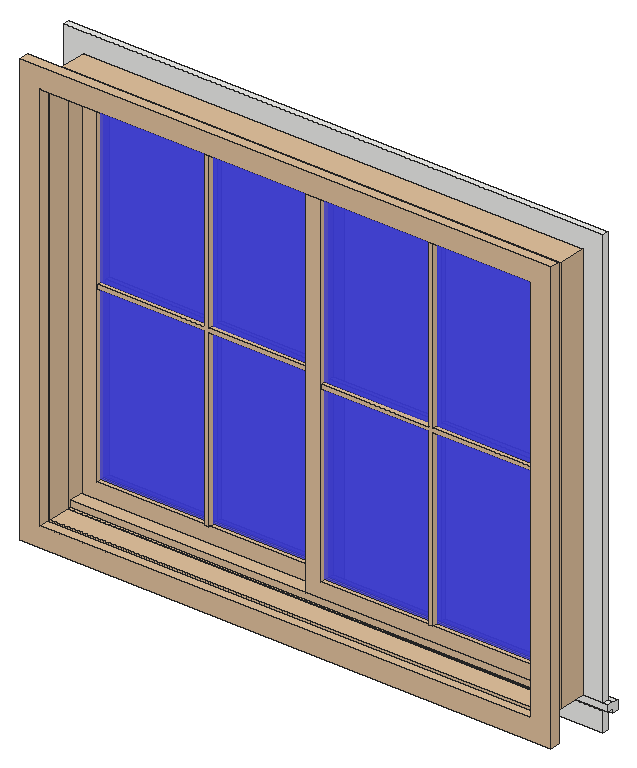
Revit family "M_Janela-deslizante-dupla", category Janelas, Revit 2019
Family settings
  Hospedeiro = Parede
  Número OmniClass = 23.30.20.17.14
  Título OmniClass = Sliding Windows
  Sempre na vertical = Sim
  Corte com vazios quando carregada = Não
  Compartilhado = Não
  Ponto de cálculo do ambiente = Não
Parameters (values of type "1500 x 1200mm")
  Janela aplicada [instance] = 0 mm
  Espessura da parede [instance] = 150 mm
  Visual Light Transmittance = 0.81
  Resistência térmica (R) = 0.319569 (m²·K)/W
  Solar Heat Gain Coefficient = 0.76
  Largura do montante = 0.5 * (Largura - 171.45 mm)  # 664.275 mm
  Padrão do montante = M_Padrão do montante_2x2 : M_Padrão do montante_2x2
  Altura do montante = Altura - 63.5 mm - 82.55 mm  # 1053.95 mm
  Fechamento da parede interior [instance] = 67.45 mm
  Visibilidade do recorte interior [instance] = yes
  Material da apara interior = Madeira – Manchada
  Visibilidade do indicador [instance] = yes
  Coeficiente de transferência de calor (U) = 3.12929 W/(m²·K)
  Extensão do quadro [instance] = if(Visibilidade da apara externa, Janela aplicada + 6.35 mm, 6.35 mm)  # 6.35 mm
  Classificação de incêndio = "0.5h"
  Fechamento da parede externa [instance] = 31.75 mm
  Visibilidade da apara externa [instance] = yes
  Largura bruta = Largura + 15 mm  # 1515 mm
  Altura bruta = Altura + 15 mm  # 1215 mm
  Visibilidade do montante = yes
  Recorte interior = M_Moldura-janela-interior-plana : Quadro
  Material da moldura interior = Madeira – Manchada
  Altura = 1200 mm
  Material do painel de vidro = Vidro
  Material da apara externa = Revestimento – Branco
  Visibilidade do umbral da extensão [instance] = and(Visibilidade do recorte interior, Espessura da parede - Janela aplicada > 82.55 mm)  # yes
  Umbral da extensão [instance] = if(Espessura da parede - Janela aplicada > 82.55 mm, Espessura da parede - Janela aplicada - 82.55 mm, 25.4 mm)  # 67.45 mm
  Apara externa = M_Recorte-Janela-Exterior-Plana : com peitoril
  Material da moldura exterior = Revestimento – Branco
  Altura-padrão do peitoril = 900 mm
  Fechamento da parede = Por hospedeiro
  Largura = 1500 mm
  Código de montagem = "B2020100"
  Construção analítica = "Vidraça dupla – residencial"
Reference planes
  plane 1 "Centro (Frente/Trás)": y = 0
  plane 2: z = 0
  plane 3 "Centro (Esquerda/Direita)": x = 0
  plane 4 "Esquerda": x = -750
  plane 5 "Direita": x = 750
  plane 6 "Peitoril": z = 900
  plane 7 "Superior": z = 2100
  plane 8 "Exterior": y = 71.19
  plane 9 "Interior": y = -78.81
  plane 10 "Inset Face": y = 71.19
  plane 11: y = 90.24
  plane 12: x = -686.5
  plane 13: x = -730.95
  plane 14: y = 39.44
  plane 15 "Face do caixilho": y = 83.89
  plane 16: x = -709.078
  plane 17: y = 64.84
  plane 18: y = 58.49
  plane 19: y = 52.14
  plane 20: y = 61.665
  plane 21: x = -22.225
  plane 22: x = 22.225
  plane 23: y = -5.01
  plane 24 "Fechamento da parede": y = -10.16
  plane 25: x = 705.55
  plane 26: z = 919.05
  plane 27: z = 938.1
  plane 28: z = 982.55
  plane 29: y = 26.74
  plane 30: y = 20.39
  plane 31: y = 14.04
  plane 32: y = 7.69
  plane 33: x = -354.363
  plane 34: x = 207.962
  plane 35: y = 17.215
  plane 36 "Umbral": y = -11.36
  plane 37: z = 1509.525
  plane 38: z = 2036.5
  plane 39: z = 982.55
  plane 40: x = 354.363
  plane 41: x = 686.5
  plane 42: y = -11.36
  plane 43: y = 39.44
  plane 44: y = 90.24
Forms (mm)
  Sweep 1, solid, material "Madeira – Manchada" <- "Material da moldura interior"
    path origin (0, 83.89, 0) x (-1, 0, 0) y (0, 0, 1)
      loop
        line (750, 900) -> (750, 2100) -> (-750, 2100) -> (-750, 900)
    profile origin (-750, 83.89, 1500) x (1, 0, 0) y (0, 1, 0)
      loop
        line (0, 6.35) -> (0, -95.25) -> (19.05, -95.25) -> (19.05, 0) -> (40.922, 0) -> (40.922, 6.35) -> (0, 6.35)
  Sweep 2, solid, material "Madeira – Manchada" <- "Material da moldura interior"
    path origin (0, 83.89, 0) x (-1, 0, 0) y (0, 0, 1)
      loop
        line (-22.225, 919.05) -> (-22.225, 2080.95) -> (730.95, 2080.95) -> (730.95, 919.05)
    profile origin (-730.95, 83.89, 1500) x (0, 1, 0) y (-1, 0, 0)
      loop
        line (0, 0) -> (-44.45, 0) -> (-44.45, -44.45) -> (0, -44.45) -> (0, 0)
  Sweep 3, solid, material "Madeira – Manchada" <- "Material da moldura interior"
    path origin (0, 0, 0) x (1, 0, 0) y (0, 0, 1)
      loop
        line (750, 900) -> (-750, 900)
    profile origin (0, 0, 900) x (0, 0, -1) y (0, -1, 0)
      loop
        line (0, -90.24) -> (0, 11.36) -> (-19.05, 11.36) -> (-19.05, 5.01) -> (-38.1, 5.01) -> (-38.1, -39.44) -> (-19.05, -39.44) -> (-19.05, -90.24) -> (0, -90.24)
  Sweep 4, solid, material "Madeira – Manchada" <- "Material da moldura interior"
    path origin (0, 83.89, 0) x (-1, 0, 0) y (0, 0, 1)
      loop
        line (22.225, 2080.95) -> (-730.95, 2080.95) -> (-730.95, 938.1) -> (22.225, 938.1) -> (22.225, 2080.95)
    profile origin (-22.225, 83.89, 1509.525) x (0, 1, 0) y (-1, 0, 0)
      loop
        line (-44.45, -44.45) -> (-44.45, 0) -> (-88.9, 0) -> (-88.9, -44.45) -> (-44.45, -44.45)
  Sweep 5, solid, material "Madeira – Manchada" <- "Material da moldura interior"
    path origin (-439.363, 39.44, 1219.2) x (-1, 0, 0) y (0, 0, 1)
      loop
        line (-461.588, -300.15) -> (291.587, -300.15)
    profile origin (-354.363, 39.44, 919.05) x (0, 0, 1) y (0, 1, 0)
      loop
        line (63.5, 0) -> (63.5, 44.45) -> (0, 44.45) -> (0, 0) -> (63.5, 0)
  Extrusion 6, solid, material "Vidro" <- "Material do painel de vidro"
    sketch origin (0, 0, 900) x (0, -1, 0) y (1, 0, 0)
      loop
        line (-71.19, -686.5) -> (-64.84, -686.5) -> (-64.84, -22.225) -> (-71.19, -22.225) -> (-71.19, -686.5)
      loop
        line (-58.49, -686.5) -> (-52.14, -686.5) -> (-52.14, -22.225) -> (-58.49, -22.225) -> (-58.49, -686.5)
    from 82.55 to 1136.5
  Extrusion 7, solid, material "Vidro" <- "Material do painel de vidro"
    sketch origin (0, -3.81, 900) x (0, -1, 0) y (1, 0, 0)
      loop
        line (-30.55, 22.225) -> (-24.2, 22.225) -> (-24.2, 686.5) -> (-30.55, 686.5) -> (-30.55, 22.225)
      loop
        line (-17.85, 22.225) -> (-11.5, 22.225) -> (-11.5, 686.5) -> (-17.85, 686.5) -> (-17.85, 22.225)
    from 82.55 to 1136.5
  Sweep 8, solid, material "Madeira – Manchada" <- "Material da moldura interior", visible <- "Visibilidade do umbral da extensão"
    path origin (0, 0, 0) x (1, 0, 0) y (0, 0, 1)
      loop
        line (-750, 900) -> (750, 900) -> (750, 2100) -> (-750, 2100) -> (-750, 900)
    profile origin (-750, 0, 1500) x (-1, 0, 0) y (0, -1, 0)
      loop
        line (0, 11.36) -> (0, 78.81) -> (-19.05, 78.81) -> (-19.05, 11.36) -> (0, 11.36)
Cuts and joins
  joined: Sweep 2, Sweep 5
  joined: Sweep 1, Sweep 3
Lines and regions (mm)
  Opening 1
    outline origin (-1524, -78.81, 0) x (1, 0, 0) y (0, 0, 1)
      loop
        line (774, 2100) -> (774, 900) -> (2274, 900) -> (2274, 2100) -> (774, 2100)
  Split face 1
    outline origin (686.5, -5.01, 2036.5) x (0, 1, 0) y (-1, 0, 0)
      loop
        line (31.75, 664.275) -> (31.75, 0)
  Split face 2
    outline origin (-22.225, 39.44, 2036.5) x (0, 1, 0) y (-1, 0, 0)
      loop
        line (31.75, 664.275) -> (31.75, 0)
  Split face 3
    outline origin (22.225, -5.01, 2036.5) x (0, 0, -1) y (0, 1, 0)
      loop
        line (1053.95, 31.75) -> (0, 31.75)
  Split face 4
    outline origin (686.5, -5.01, 982.55) x (0, 0, 1) y (0, 1, 0)
      loop
        line (1053.95, 31.75) -> (0, 31.75)
  Split face 5
    outline origin (-22.225, 39.44, 919.05) x (0, 0, 1) y (0, 1, 0)
      loop
        line (1117.45, 31.75) -> (63.5, 31.75)
  Split face 6
    outline origin (-686.5, 39.44, 2036.5) x (0, 0, -1) y (0, 1, 0)
      loop
        line (1053.95, 31.75) -> (0, 31.75)
  Split face 7
    outline origin (22.225, -5.01, 982.55) x (1, 0, 0) y (0, 1, 0)
      loop
        line (664.275, 31.75) -> (0, 31.75)
  Split face 8
    outline origin (22.225, 83.89, 982.55) x (-1, 0, 0) y (0, -1, 0)
      loop
        line (44.45, 12.7) -> (708.725, 12.7)
  Split face 9
    outline origin (457.2, -41.91, 2133.6) x (0, 0, -1) y (0, 1, 0)
  Split face 10
    outline origin (750, -11.36, 900) x (0, 1, 0) y (-1, 0, 0)
      loop
        line (82.55, 0) -> (82.55, 1500)
  Split face 11
    outline origin (-750, -11.36, 900) x (0, 0, 1) y (0, 1, 0)
  Split face 12
    outline origin (-730.95, 83.89, 2080.95) x (0, -1, 0) y (1, 0, 0)
      loop
        line (0, 753.175) -> (44.45, 753.175) -> (44.45, 1461.9)
  Split face 13
    outline origin (730.95, 83.89, 2080.95) x (0, 0, -1) y (0, -1, 0)
      loop
        line (1142.85, 44.45) -> (0, 44.45)
Text (mm)
  text "EXTERIOR" at (-1490.695, 1293.036, 0), in view "Nível de referência"
  text "INTERIOR" at (-1490.695, -959.266, 0), in view "Nível de referência"
  text "Exterior" at (0, 1108.87, 3129.179), in view "Esquerda"
  text "Exterior" at (0, 464.664, 3176.206), in view "Direita"
Dimensions and locks
  equal spacing: plane 4 "Esquerda", plane 3 "Centro (Esquerda/Direita)", plane 5 "Direita"
  "Largura": plane 4 "Esquerda" to plane 5 "Direita"
  "Altura": plane 6 "Peitoril" to plane 7 "Superior"
  "Altura-padrão do peitoril": plane 2 to plane 6 "Peitoril"
  "Janela aplicada": plane 8 "Exterior" to plane 10 "Inset Face"
  locked: plane 11 to plane 8 "Exterior" at 19.05
  locked: plane 4 "Esquerda" to plane 13 at 19.05
  locked: plane 13 to plane 12 at 44.45
  locked: plane 4 "Esquerda" to plane 16 at 40.922
  locked: plane 15 "Face do caixilho" to plane 10 "Inset Face" at 12.7
  locked: plane 10 "Inset Face" to plane 17 at 6.35
  locked: plane 17 to plane 18 at 6.35
  locked: plane 18 to plane 19 at 6.35
  equal spacing: plane 17, plane 20, plane 18
  locked: plane 21 to plane 22 at 44.45
  equal spacing: plane 21, plane 3 "Centro (Esquerda/Direita)", plane 22
  locked: plane 25 to plane 5 "Direita" at 44.45
  locked: plane 26 to plane 6 "Peitoril" at 19.05
  locked: plane 27 to plane 26 at 19.05
  locked: plane 28 to plane 27 at 44.45
  equal spacing: plane 12, plane 33, plane 21
  plane 22 to plane 34 to Sweep 4 = 185.738 mm, 478.538 mm
  equal spacing: plane 30, plane 35, plane 31
  "Umbral da extensão": plane 36 "Umbral" to plane 9 "Interior"
  "Espessura da parede": host wall to host wall
  locked: plane 7 "Superior" to plane 38 at 63.5
  locked: plane 39 to plane 6 "Peitoril" at 82.55
  equal spacing: plane 38, plane 37, plane 39
  locked: plane 41 to plane 5 "Direita" at 63.5
  equal spacing: plane 41, plane 40, plane 22
  "Fechamento da parede interior": plane 42 to plane 9 "Interior"
  "Fechamento da parede externa": plane 8 "Exterior" to plane 43
  locked: plane 32 to plane 23 at 12.7
  locked: plane 29 to plane 30 at 6.35
  locked: plane 31 to plane 32 at 6.35
  locked: plane 30 to plane 31 at 6.35
  locked: plane 23 to plane 36 "Umbral" at 6.35
  locked: plane 14 to plane 29 at 12.7
  "Extensão do quadro": plane 44 to plane 15 "Face do caixilho"
  aligned and locked: plane 7 "Superior" to Opening 1 sketch curve
  aligned and locked: plane 6 "Peitoril" to Opening 1 sketch curve  (x2)
  aligned and locked: plane 5 "Direita" to Opening 1 sketch curve
  aligned and locked: plane 4 "Esquerda" to Opening 1 sketch curve
  aligned and locked: level to plane 2
  aligned and locked: host wall to plane 8 "Exterior"
  aligned and locked: plane 9 "Interior" to host wall
  aligned and locked: Sweep 1 sketch curve to plane 4 "Esquerda"
  aligned and locked: plane 4 "Esquerda" to Sweep 1 sketch curve
  aligned and locked: plane 16 to Sweep 1 sketch curve
  aligned and locked: plane 15 "Face do caixilho" to Sweep 1 sketch curve
  aligned and locked: plane 13 to Sweep 1 sketch curve
  aligned and locked: Sweep 2 sketch curve to plane 13  (x2)
  aligned and locked: Sweep 2 sketch curve to plane 22
  aligned and locked: plane 15 "Face do caixilho" to Sweep 2 sketch curve
  aligned and locked: Sweep 2 sketch curve to plane 12
  aligned and locked: Sweep 3 sketch curve to plane 6 "Peitoril"  (x2)
  aligned and locked: Sweep 3 sketch curve to plane 26  (x2)
  aligned and locked: Sweep 3 sketch curve to plane 27
  aligned and locked: Sweep 4 sketch curve to plane 21  (x2)
  aligned and locked: Sweep 4 sketch curve to plane 22
  aligned and locked: Sweep 4 sketch curve to plane 23
  aligned and locked: plane 26 to Sweep 5 sketch curve  (x2)
  aligned and locked: plane 28 to Sweep 5 sketch curve
  aligned and locked: plane 15 "Face do caixilho" to Sweep 5 sketch curve
  aligned and locked: plane 27 to Sweep 4 sketch curve
  aligned and locked: plane 10 "Inset Face" to Extrusion 6 sketch curve
  aligned and locked: Extrusion 6 sketch curve to plane 12  (x2)
  aligned and locked: Extrusion 6 sketch curve to plane 17
  aligned and locked: Extrusion 6 sketch curve to plane 18
  aligned and locked: Extrusion 6 sketch curve to plane 19
  aligned and locked: plane 21 to Extrusion 6  (x2)
  aligned and locked: plane 29 to Extrusion 7 sketch curve
  aligned and locked: Extrusion 7 sketch curve to plane 22  (x2)
  aligned and locked: Extrusion 7 sketch curve to plane 30
  aligned and locked: plane 31 to Extrusion 7 sketch curve
  aligned and locked: Extrusion 7 sketch curve to plane 32
  aligned and locked: Extrusion 7 to Sweep 4  (x5)
  aligned and locked: Sweep 4 to Extrusion 6
  aligned and locked: Sweep 8 sketch curve to plane 4 "Esquerda"  (x2)
  aligned and locked: Sweep 8 sketch curve to plane 7 "Superior"
  aligned and locked: Sweep 8 sketch curve to plane 5 "Direita"
  aligned and locked: Sweep 8 sketch curve to plane 6 "Peitoril"
  aligned and locked: Sweep 8 sketch curve to plane 13
  aligned and locked: plane 9 "Interior" to Sweep 8 sketch curve
  aligned and locked: Sweep 8 sketch curve to plane 36 "Umbral"
  aligned and locked: Split face 1 sketch curve to Extrusion 7
  aligned and locked: Split face 2 sketch curve to Extrusion 6
  aligned and locked: Split face 3 sketch curve to Extrusion 7
  aligned and locked: Split face 4 sketch curve to Extrusion 7
  aligned and locked: Split face 5 sketch curve to Extrusion 6
  aligned and locked: Split face 6 sketch curve to Extrusion 6
  aligned and locked: Split face 7 sketch curve to Extrusion 7
  aligned and locked: Split face 8 sketch curve to Extrusion 6
  aligned and locked: Extrusion 6 to Extrusion 6  (x2)
  aligned and locked: Sweep 1 sketch curve to plane 5 "Direita"
  aligned and locked: Sweep 1 sketch curve to plane 7 "Superior"
  aligned and locked: Sweep 2 sketch curve to Sweep 8
  aligned and locked: Sweep 4 sketch curve to Sweep 1
  aligned and locked: Extrusion 6 to Sweep 4
  aligned and locked: Split face 12 sketch curve to plane 22
  aligned and locked: nested 2 to plane 4 "Esquerda"
  aligned and locked: plane 3 "Centro (Esquerda/Direita)" to nested 2
  aligned and locked: plane 9 "Interior" to nested 2
  aligned and locked: nested 2 to plane 7 "Superior"
  aligned and locked: nested 1 to plane 37
  aligned and locked: nested 1 to plane 40
  aligned and locked: plane 39 to nested 3
  aligned and locked: plane 39 to nested 4
  aligned and locked: nested 3 to plane 35
  aligned and locked: plane 41 to nested 3
  aligned and locked: plane 22 to nested 3
  aligned and locked: plane 21 to nested 4
  aligned and locked: plane 12 to nested 4
  aligned and locked: plane 38 to nested 4
  aligned and locked: plane 38 to nested 3
  aligned and locked: plane 7 "Superior" to nested 6
  aligned and locked: plane 3 "Centro (Esquerda/Direita)" to nested 6
  aligned and locked: plane 7 "Superior" to nested 5
  aligned and locked: nested 5 to plane 3 "Centro (Esquerda/Direita)"
  aligned and locked: nested 4 to plane 20
  aligned and locked: Sweep 1 sketch curve to plane 36 "Umbral"
  aligned and locked: plane 36 "Umbral" to Sweep 3 sketch curve
  aligned and locked: Sweep 4 sketch curve to plane 14
  aligned and locked: Sweep 2 sketch curve to plane 14
  aligned and locked: plane 14 to Sweep 5 sketch curve
  aligned and locked: plane 22 to Sweep 5 sketch curve
  aligned and locked: plane 13 to Sweep 5 sketch curve
  aligned and locked: plane 23 to Sweep 3 sketch curve
  aligned and locked: plane 14 to Sweep 3 sketch curve
  aligned and locked: plane 14 to Split face 13 sketch curve
  aligned and locked: Sweep 1 sketch curve to plane 44
  aligned and locked: Sweep 3 sketch curve to plane 44
Automatic sketch dimensions
  Sweep 3 sketch curve to plane 4 "Esquerda" = 0 mm
  Sweep 3 sketch curve to plane 5 "Direita" = 0 mm
  plane 12 to Extrusion 6 sketch curve = 664.275 mm
  Extrusion 6 sketch curve to Extrusion 6 sketch curve = 0 mm
  Extrusion 7 sketch curve to Extrusion 7 sketch curve = 664.275 mm
  Extrusion 7 sketch curve to Extrusion 7 sketch curve = 0 mm
  Split face 1 sketch curve to Sweep 4 = 0 mm  (x2)
  Split face 2 sketch curve to cut or joined group of Sweep 2, Sweep 5 = 0 mm  (x2)
  Sweep 4 to Split face 3 sketch curve = 0 mm
  Split face 3 sketch curve to Sweep 4 = 0 mm
  Split face 4 sketch curve to Sweep 4 = 0 mm
  Sweep 4 to Split face 4 sketch curve = 0 mm
  Split face 5 sketch curve to cut or joined group of Sweep 2, Sweep 5 = 0 mm
  cut or joined group of Sweep 2, Sweep 5 to Split face 5 sketch curve = 0 mm
  cut or joined group of Sweep 2, Sweep 5 to Split face 6 sketch curve = 0 mm
  Split face 6 sketch curve to cut or joined group of Sweep 2, Sweep 5 = 0 mm
  Split face 7 sketch curve to Sweep 4 = 0 mm  (x2)
  Split face 8 sketch curve to cut or joined group of Sweep 2, Sweep 5 = 0 mm  (x2)
  Split face 10 sketch curve to Sweep 3 = 0 mm  (x2)
  Split face 10 sketch curve to Sweep 3 = 19.05 mm
  Sweep 1 sketch curve to plane 6 "Peitoril" = 0 mm  (x2)
  Sweep 2 sketch curve to plane 26 = 0 mm  (x2)
  plane 5 "Direita" to Sweep 4 sketch curve = 19.05 mm
  cut or joined group of Sweep 1, Sweep 3 to Split face 12 sketch curve = 0 mm
  Split face 12 sketch curve to cut or joined group of Sweep 1, Sweep 3 = 0 mm
  cut or joined group of Sweep 1, Sweep 3 to Split face 12 sketch curve = 44.45 mm
  cut or joined group of Sweep 1, Sweep 3 to Split face 13 sketch curve = 0 mm
  Split face 13 sketch curve to cut or joined group of Sweep 1, Sweep 3 = 0 mm
Nested families
  nested 1: "M_Seta preenchida" at (354.363, 0, 1509.525) x (-1, 0, 0) z (0, 1, 0), visible <- "Visibilidade do indicador", type "M_Seta preenchida"
  nested 2: "M_Plano-duplo-deslizante" at (0, 62.459, 900), Janela aplicada <- "Janela aplicada", Largura <- "Largura", Altura <- "Altura", Espessura da parede <- "Espessura da parede", type "M_Plano-duplo-deslizante"
    with Janela aplicada de 3D 0 mm, Janela aplicada 0 mm, Largura 1500 mm, Espessura da parede 150 mm, Altura 1200 mm
  nested 3: "M_Padrão do montante_2x2" at (354.362, 17.215, 982.55), visible <- "Visibilidade do montante", Material externo <- "Material da moldura exterior", Material interior <- "Material da moldura interior", type <- "Padrão do montante", type "M_Padrão do montante_2x2"
    with Largura 664.275 mm, Material interior Madeira – Manchada, Altura 1053.95 mm, Material externo Revestimento – Branco
  nested 4: "M_Padrão do montante_2x2" at (-354.363, 61.665, 982.55), visible <- "Visibilidade do montante", Material externo <- "Material da moldura exterior", Material interior <- "Material da moldura interior", type <- "Padrão do montante", type "M_Padrão do montante_2x2"
    with Largura 664.275 mm, Material interior Madeira – Manchada, Altura 1053.95 mm, Material externo Revestimento – Branco
  nested 5: "M_Recorte-Janela-Exterior-Plana" at (0, 71.19, 2100) x (-1, 0, 0) z (0, 1, 0), visible <- "Visibilidade da apara externa", Material da apara <- "Material da apara externa", Largura da abertura <- "Largura", Altura da abertura <- "Altura", type <- "Apara externa", type "com peitoril"
    with Material da apara Revestimento – Branco, Largura da abertura 1500 mm, Altura da abertura 1200 mm
  nested 6: "M_Moldura-janela-interior-plana" at (0, -78.81, 2100) x (1, 0, 0) z (0, -1, 0), visible <- "Visibilidade do recorte interior", Material da apara <- "Material da apara interior", Largura da abertura <- "Largura", Altura da abertura <- "Altura", type <- "Recorte interior", type "Quadro"
    with Material da apara Madeira – Manchada, Largura da abertura 1500 mm, Altura da abertura 1200 mm
Definition of nested family "M_Padrão do montante_2x2"
  Parameters (values of type "M_Padrão do montante_2x2")
    Largura [instance] = 1200 mm
    Espessura = 12.7 mm
    Altura [instance] = 1200 mm
    Material interior [instance] = none
    Material externo [instance] = none
    Distância = 19.05 mm
  Reference planes
    plane 1 "Centro (Frente/Trás)": y = 0
    plane 2: z = 0
    plane 3 "Centro (Esquerda/Direita)": x = 0
    plane 4: z = 1200
    plane 5: x = -600
    plane 6: x = 600
    plane 7: z = 600
    plane 8: y = 9.525
    plane 9: y = 22.225
    plane 10: y = -9.525
    plane 11: y = -22.225
  Forms (mm)
    Extrusion 1, solid, material <- "Material interior", detail levels fine
      sketch origin (0, 0, 0) x (1, 0, 0) y (0, 0, 1)
        loop
          line (-600, 606.35) -> (-600, 593.65) -> (-6.35, 593.65) -> (-6.35, 0) -> (6.35, 0) -> (6.35, 593.65) -> (600, 593.65) -> (600, 606.35) -> (6.35, 606.35) -> (6.35, 1200) -> (-6.35, 1200) -> (-6.35, 606.35) -> (-600, 606.35)
      from 9.525 to 22.225
    Extrusion 2, solid, material <- "Material externo", detail levels fine
      sketch origin (0, 0, 0) x (1, 0, 0) y (0, 0, -1)
        loop
          line (-600, -606.35) -> (-6.35, -606.35) -> (-6.35, -1200) -> (6.35, -1200) -> (6.35, -606.35) -> (600, -606.35) -> (600, -593.65) -> (6.35, -593.65) -> (6.35, 0) -> (-6.35, 0) -> (-6.35, -593.65) -> (-600, -593.65) -> (-600, -606.35)
      from 9.525 to 22.225
  Lines and regions (mm)
    model lines, detail levels medium
      curve 1: line (0, 9.525, 1200) -> (0, 9.525, 0)
      curve 2: line (-600, -9.525, 600) -> (600, -9.525, 600)
      curve 3: line (-600, 9.525, 600) -> (600, 9.525, 600)
      curve 4: line (0, -9.525, 1200) -> (0, -9.525, 0)
  Dimensions and locks
    equal spacing: plane 6, plane 3 "Centro (Esquerda/Direita)", plane 5
    "Largura": plane 6 to plane 5
    "Altura": plane 4 to plane 2
    equal spacing: plane 4, plane 7, plane 2
    locked: plane 3 "Centro (Esquerda/Direita)" to Extrusion 1 sketch curve at 6.35  (x4)
    locked: Extrusion 1 sketch curve to plane 7 at 6.35  (x2)
    locked: plane 7 to Extrusion 1 sketch curve at 6.35  (x2)
    "Espessura": plane 9 to plane 8
    "Espessura": plane 10 to plane 11
    "Distância": plane 8 to plane 10
    equal spacing: plane 8, plane 1 "Centro (Frente/Trás)", plane 10
    aligned and locked: plane 2 to level
    aligned and locked: plane 4 to curve 1
    aligned and locked: plane 5 to curve 2
    aligned and locked: plane 2 to curve 1
    aligned and locked: plane 6 to curve 2
    aligned and locked: Extrusion 1 sketch curve to plane 4
    aligned and locked: Extrusion 1 sketch curve to plane 6
    aligned and locked: Extrusion 1 sketch curve to plane 5
    aligned and locked: Extrusion 1 sketch curve to level
    aligned and locked: Extrusion 1 to plane 11
    aligned and locked: plane 10 to Extrusion 1
    aligned and locked: Extrusion 2 to plane 5
    aligned and locked: plane 6 to Extrusion 2
    aligned and locked: Extrusion 2 to plane 8
    aligned and locked: plane 9 to Extrusion 2
    aligned and locked: Extrusion 2 to plane 2
    aligned and locked: plane 4 to Extrusion 2
    aligned and locked: plane 5 to curve 3
    aligned and locked: plane 6 to curve 3
    aligned and locked: plane 4 to curve 4
    aligned and locked: plane 2 to curve 4
    aligned and locked: plane 8 to curve 3
  Automatic sketch dimensions
    curve 2 to plane 7 = 0 mm
    Extrusion 2 sketch curve to plane 5 = 0 mm
    Extrusion 2 sketch curve to level = 0 mm
    Extrusion 2 sketch curve to plane 4 = 0 mm
    Extrusion 2 sketch curve to plane 6 = 0 mm
    Extrusion 2 sketch curve to plane 3 "Centro (Esquerda/Direita)" = 6.35 mm  (x2)
    plane 3 "Centro (Esquerda/Direita)" to Extrusion 2 sketch curve = 6.35 mm  (x2)
    plane 7 to Extrusion 2 sketch curve = 6.35 mm  (x2)
    Extrusion 2 sketch curve to plane 7 = 6.35 mm  (x2)
    curve 4 to plane 3 "Centro (Esquerda/Direita)" = 0 mm
    curve 4 to level = 0 mm
    curve 4 to plane 4 = 0 mm
    curve 3 to plane 6 = 0 mm
    curve 1 to plane 3 "Centro (Esquerda/Direita)" = 0 mm
    curve 3 to plane 5 = 0 mm
    curve 3 to plane 7 = 0 mm
Definition of nested family "M_Recorte-Janela-Exterior-Plana"
  Parameters (values of type "com peitoril")
    Largura da apara = 60 mm
    Espessura da apara_Quadro = 30 mm
    Espessura da apara_com peitoril = 19.05 mm
    Material da apara [instance] = none
    Espessura do peitoril = 30 mm
    Peitoril = yes
    Quadro = no
    Largura da abertura [instance] = 600 mm
    Altura da abertura [instance] = 900 mm
    Default Elevation = 1200 mm
  Types (2, lengths in mm): name | Peitoril | Quadro
    com peitoril | yes | no
    Quadro | no | yes
  Reference planes
    plane 1 "Centro (Frente/Trás)": y = 0
    plane 2: z = 0
    plane 3 "Centro (Esquerda/Direita)": x = 0
    plane 4: y = 60
    plane 5 "Esquerda": x = -300
    plane 6 "Direita": x = 300
    plane 7 "Inferior": y = -900
    plane 8: y = -930
    plane 9: y = -980.432
    plane 10: x = 360
    plane 11: x = -360
    plane 12: z = 19.05
    plane 13: z = 30
    plane 14: x = 372.7
    plane 15: x = -372.7
    plane 16: y = -920.432
    plane 17: y = -960
    plane 18: z = 12.7
    plane 19: y = -450
    plane 20: z = 38.1
  Forms (mm)
    Extrusion 1, solid
      sketch origin (0, 0, 0) x (1, 0, 0) y (0, 1, 0)
        loop
          line (-361.95, 57.15) -> (-361.95, -993.732) -> (361.95, -993.732) -> (361.95, 57.15) -> (-361.95, 57.15)
      from 0 to -304.8
    Extrusion 2, solid, material <- "Material da apara", visible <- "Peitoril"
      sketch origin (0, 0, 0) x (1, 0, 0) y (0, 1, 0)
        loop
          line (-360, -900) -> (-300, -900) -> (-300, 0) -> (300, 0) -> (300, -900) -> (360, -900) -> (360, 60) -> (-360, 60) -> (-360, -900)
      from 0 to 19.05
    Extrusion 3, solid, material <- "Material da apara", visible <- "Peitoril"
      sketch origin (0, 0, 0) x (0, 1, 0) y (0, 0, 1)
        loop
          line (-902.458, 38.1) -> (-930, 38.1) -> (-930, 19.05) -> (-920.432, 19.05) -> (-920.432, 0) -> (-900, 0) -> (-900, 19.05) -> (-902.458, 38.1)
      from -372.7 to 372.7
    Extrusion 4, solid, material <- "Material da apara", visible <- "Peitoril"
      sketch origin (0, 0, 0) x (1, 0, 0) y (0, 1, 0)
        loop
          line (-360, -920.432) -> (-360, -980.432) -> (360, -980.432) -> (360, -920.432) -> (-360, -920.432)
      from 0 to 19.05
    Extrusion 5, solid, material <- "Material da apara", visible <- "Quadro"
      sketch origin (0, 0, 0) x (1, 0, 0) y (0, 1, 0)
        loop
          line (-300, 0) -> (-300, -900) -> (300, -900) -> (300, 0) -> (-300, 0)
        loop
          line (-360, 60) -> (-360, -960) -> (360, -960) -> (360, 60) -> (-360, 60)
      from 0 to 30
  Dimensions and locks
    equal spacing: plane 5 "Esquerda", plane 3 "Centro (Esquerda/Direita)", plane 6 "Direita"
    "Largura da abertura": plane 5 "Esquerda" to plane 6 "Direita"
    "Altura da abertura": plane 7 "Inferior" to plane 1 "Centro (Frente/Trás)"
    "Espessura do peitoril": plane 7 "Inferior" to plane 8
    "Largura da apara": plane 11 to plane 5 "Esquerda"
    "Largura da apara": plane 6 "Direita" to plane 10
    "Largura da apara": plane 1 "Centro (Frente/Trás)" to plane 4
    locked: plane 15 to plane 11 at 12.7
    locked: plane 10 to plane 14 at 12.7
    locked: plane 16 to plane 8 at 9.568
    "Largura da apara": plane 9 to plane 16
    "Largura da apara": plane 17 to plane 7 "Inferior"
    locked: plane 18 to plane 2 at 12.7
    equal spacing: plane 7 "Inferior", plane 19, plane 1 "Centro (Frente/Trás)"
    locked: plane 20 to plane 12 at 19.05
    "Espessura da apara_com peitoril": plane 12 to plane 2
    "Espessura da apara_Quadro": plane 13 to plane 2
    aligned and locked: plane 2 to Extrusion 1
    aligned and locked: level to Extrusion 1
    aligned and locked: Extrusion 2 sketch curve to plane 5 "Esquerda"
    aligned and locked: Extrusion 2 sketch curve to plane 11
    aligned and locked: plane 7 "Inferior" to Extrusion 2 sketch curve  (x2)
    aligned and locked: plane 1 "Centro (Frente/Trás)" to Extrusion 2 sketch curve
    aligned and locked: plane 10 to Extrusion 2 sketch curve
    aligned and locked: Extrusion 2 sketch curve to plane 6 "Direita"
    aligned and locked: plane 12 to Extrusion 2
    aligned and locked: Extrusion 3 sketch curve to level
    aligned and locked: plane 7 "Inferior" to Extrusion 3 sketch curve
    aligned and locked: Extrusion 3 sketch curve to plane 8
    aligned and locked: plane 15 to Extrusion 3
    aligned and locked: Extrusion 3 to plane 14
    aligned and locked: plane 10 to Extrusion 4 sketch curve
    aligned and locked: Extrusion 4 sketch curve to plane 11
    aligned and locked: plane 16 to Extrusion 4 sketch curve
    aligned and locked: plane 9 to Extrusion 4 sketch curve
    aligned and locked: Extrusion 4 to Extrusion 2
    aligned and locked: Extrusion 2 sketch curve to plane 4
    aligned and locked: plane 1 "Centro (Frente/Trás)" to Extrusion 5 sketch curve
    aligned and locked: Extrusion 5 sketch curve to plane 4
    aligned and locked: Extrusion 5 sketch curve to plane 17
    aligned and locked: plane 7 "Inferior" to Extrusion 5 sketch curve
    aligned and locked: Extrusion 5 sketch curve to plane 6 "Direita"
    aligned and locked: plane 10 to Extrusion 5 sketch curve
    aligned and locked: Extrusion 5 sketch curve to plane 5 "Esquerda"
    aligned and locked: Extrusion 5 sketch curve to plane 11
    aligned and locked: plane 13 to Extrusion 5
    aligned and locked: plane 20 to Extrusion 3
  Automatic sketch dimensions
    Extrusion 1 sketch curve to Extrusion 1 sketch curve = 723.9 mm
    Extrusion 1 sketch curve to Extrusion 1 sketch curve = 1050.882 mm
    Extrusion 3 sketch curve to plane 16 = 0 mm
    Extrusion 3 sketch curve to plane 12 = 0 mm  (x2)
    Extrusion 3 sketch curve to plane 7 "Inferior" = 2.458 mm
    plane 13 to Extrusion 3 sketch curve = 8.1 mm
Definition of nested family "M_Moldura-janela-interior-plana"
  Parameters (values of type "com peitoril")
    Espessura da apara_Quadro = 30 mm
    Largura da apara = 60 mm
    Espessura da apara_com peitoril = 20 mm
    Material da apara [instance] = none
    Espessura do peitoril = 30 mm
    Peitoril = yes
    Quadro = no
    Largura da abertura [instance] = 600 mm
    Altura da abertura [instance] = 900 mm
    Default Elevation = 1200 mm
  Types (2, lengths in mm): name | Peitoril | Quadro
    com peitoril | yes | no
    Quadro | no | yes
  Reference planes
    plane 1 "Centro (Frente/Trás)": y = 0
    plane 2: z = 0
    plane 3 "Centro (Esquerda/Direita)": x = 0
    plane 4: y = 47.3
    plane 5 "Esquerda": x = -300
    plane 6 "Direita": x = 300
    plane 7 "Inferior": y = -900
    plane 8: y = -930
    plane 9: y = -980.432
    plane 10: x = 347.3
    plane 11: x = -347.3
    plane 12: z = 20
    plane 13: z = 30
    plane 14: x = 360
    plane 15: x = -360
    plane 16: y = -920.432
    plane 17: y = -947.3
    plane 18: z = 12.7
    plane 19: x = -287.3
    plane 20: y = -12.7
    plane 21: x = 287.3
    plane 22: y = -887.3
    plane 23: x = -334.6
    plane 24: x = 334.6
    plane 25: y = -450
  Forms (mm)
    Extrusion 1, solid
      sketch origin (0, 0, 0) x (1, 0, 0) y (0, 1, 0)
        loop
          line (-349.25, 44.45) -> (-349.25, -958.85) -> (349.25, -958.85) -> (349.25, 44.45) -> (-349.25, 44.45)
      from 0 to -304.8
    Extrusion 2, solid, material <- "Material da apara", visible <- "Peitoril"
      sketch origin (0, 0, 0) x (1, 0, 0) y (0, 1, 0)
        loop
          line (-334.6, -900) -> (-287.3, -900) -> (-287.3, 0) -> (287.3, 0) -> (287.3, -900) -> (334.6, -900) -> (334.6, 47.3) -> (-334.6, 47.3) -> (-334.6, -900)
      from 0 to 20
    Extrusion 3, solid, material <- "Material da apara", visible <- "Peitoril"
      sketch origin (0, 0, 0) x (0, 1, 0) y (0, 0, 1)
        loop
          line (-912.7, 39.05) -> (-920.432, 39.05) -> (-920.432, 0) -> (-900, 0) -> (-900, 26.35)
          arc (-900, 26.35) -> (-903.72, 35.33) -> (-912.7, 39.05) r 12.7
      from -347.3 to 347.3
    Extrusion 4, solid, material <- "Material da apara", visible <- "Peitoril"
      sketch origin (0, 0, 0) x (1, 0, 0) y (0, 1, 0)
        loop
          line (-334.6, -920.432) -> (-334.6, -980.432) -> (334.6, -980.432) -> (334.6, -920.432) -> (-334.6, -920.432)
      from 0 to 20
    Extrusion 5, solid, material <- "Material da apara", visible <- "Quadro"
      sketch origin (0, 0, 0) x (1, 0, 0) y (0, 1, 0)
        loop
          line (-287.3, -12.7) -> (-287.3, -887.3) -> (287.3, -887.3) -> (287.3, -12.7) -> (-287.3, -12.7)
        loop
          line (-347.3, 47.3) -> (-347.3, -947.3) -> (347.3, -947.3) -> (347.3, 47.3) -> (-347.3, 47.3)
      from 0 to 30
  Dimensions and locks
    equal spacing: plane 5 "Esquerda", plane 3 "Centro (Esquerda/Direita)", plane 6 "Direita"
    "Largura da abertura": plane 5 "Esquerda" to plane 6 "Direita"
    "Altura da abertura": plane 7 "Inferior" to plane 1 "Centro (Frente/Trás)"
    "Espessura do peitoril": plane 7 "Inferior" to plane 8
    "Largura da apara": plane 11 to plane 19
    "Largura da apara": plane 21 to plane 10
    "Largura da apara": plane 20 to plane 4
    "Espessura da apara_com peitoril": plane 12 to plane 2
    locked: plane 15 to plane 11 at 12.7
    locked: plane 10 to plane 14 at 12.7
    locked: plane 16 to plane 8 at 9.568
    "Largura da apara": plane 9 to plane 16
    "Largura da apara": plane 17 to plane 22
    plane 20 to plane 1 "Centro (Frente/Trás)" = 12.7 mm
    plane 5 "Esquerda" to plane 19 = 12.7 mm
    plane 21 to plane 6 "Direita" = 12.7 mm
    plane 22 to plane 7 "Inferior" = 12.7 mm
    locked: plane 11 to plane 23 at 12.7
    locked: plane 24 to plane 10 at 12.7
    equal spacing: plane 7 "Inferior", plane 25, plane 1 "Centro (Frente/Trás)"
    "Espessura da apara_Quadro": plane 13 to plane 2
    locked: Extrusion 3 to plane 12 at 19.05
    locked: plane 12 to Extrusion 3 sketch curve at 19.05
    radius of Extrusion 3 sketch curve = 12.7 mm
    aligned and locked: plane 2 to Extrusion 1
    aligned and locked: level to Extrusion 1
    aligned and locked: plane 7 "Inferior" to Extrusion 2 sketch curve  (x2)
    aligned and locked: plane 1 "Centro (Frente/Trás)" to Extrusion 2 sketch curve
    aligned and locked: plane 12 to Extrusion 2
    aligned and locked: Extrusion 3 sketch curve to level
    aligned and locked: plane 7 "Inferior" to Extrusion 3 sketch curve
    aligned and locked: plane 16 to Extrusion 4 sketch curve
    aligned and locked: plane 9 to Extrusion 4 sketch curve
    aligned and locked: Extrusion 2 sketch curve to plane 4
    aligned and locked: Extrusion 5 sketch curve to plane 4
    aligned and locked: Extrusion 5 sketch curve to plane 17
    aligned and locked: plane 10 to Extrusion 5 sketch curve
    aligned and locked: Extrusion 5 sketch curve to plane 11
    aligned and locked: plane 13 to Extrusion 5
    aligned and locked: Extrusion 5 sketch curve to plane 20
    aligned and locked: Extrusion 5 sketch curve to plane 19
    aligned and locked: Extrusion 5 sketch curve to plane 21
    aligned and locked: plane 22 to Extrusion 5 sketch curve
    aligned and locked: Extrusion 4 to plane 24
    aligned and locked: plane 11 to Extrusion 3
    aligned and locked: Extrusion 3 to plane 10
    aligned and locked: Extrusion 2 sketch curve to plane 21
    aligned and locked: Extrusion 2 sketch curve to plane 24
    aligned and locked: Extrusion 2 sketch curve to plane 19
    aligned and locked: Extrusion 2 sketch curve to plane 23
    aligned and locked: plane 12 to Extrusion 4
  Automatic sketch dimensions
    Extrusion 1 sketch curve to Extrusion 1 sketch curve = 698.5 mm
    Extrusion 1 sketch curve to Extrusion 1 sketch curve = 1003.3 mm
    Extrusion 3 sketch curve to plane 16 = 0 mm
    Extrusion 4 sketch curve to plane 11 = 12.7 mm
    Extrusion 4 sketch curve to plane 24 = 0 mm
Definition of nested family "M_Seta preenchida"
  Parameters (values of type "M_Seta preenchida")
    D3 = 0 mm
    D2 = D1 / 6  # 33.333 mm
    D1 = 200 mm
  Reference planes
    plane 1 "Centro (Frente/Trás)": y = 0
    plane 2: z = 0
    plane 3 "Centro (Esquerda/Direita)": x = 0
    plane 4: y = 16.667
    plane 5: y = -16.667
    plane 6: x = -100
    plane 7: x = 100
    plane 8: through (203.336, -72.356, 1219.2) normal (-0.5736, -0.8192, 0)
    plane 9: through (203.336, 72.356, 1219.2) normal (0.5736, -0.8192, 0)
    plane 10: x = 33.333
  Lines and regions (mm)
    Filled region 1, type "Bloco de concreto", in view "Nível de referência"
      outline origin (0, 0, 0) x (1, 0, 0) y (0, 1, 0)
        loop
          line (-100, 16.667) -> (-100, -16.667) -> (33.333, -16.667) -> (33.333, -46.681) -> (100, 0) -> (33.333, 46.681) -> (33.333, 16.667) -> (-100, 16.667)
    detail lines, in view "Nível de referência"
      curve 1: line (-100, 16.667, 0) -> (33.333, 16.667, 0)
      curve 2: line (-100, 16.667, 0) -> (-100, -16.667, 0)
      curve 3: line (-100, -16.667, 0) -> (33.333, -16.667, 0)
      curve 4: line (100, 0, 0) -> (33.333, -46.681, 0)
      curve 5: line (100, 0, 0) -> (33.333, 46.681, 0)
      curve 6: line (33.333, -16.667, 0) -> (33.333, -46.681, 0)
      curve 7: line (33.333, 46.681, 0) -> (33.333, 16.667, 0)
  Dimensions and locks
    equal spacing: plane 6, plane 3 "Centro (Esquerda/Direita)", plane 7
    "D1": plane 6 to plane 7
    equal spacing: plane 4, plane 1 "Centro (Frente/Trás)", plane 5
    "D2": plane 4 to plane 5
    "D2": plane 3 "Centro (Esquerda/Direita)" to plane 10
    locked: plane 8 to plane 1 "Centro (Frente/Trás)" (angle 35.00°)
    locked: plane 1 "Centro (Frente/Trás)" to plane 9 (angle 35.00°)
    aligned and locked: curve 1 to plane 4
    aligned and locked: curve 2 to plane 6
    aligned and locked: curve 3 to plane 5
    aligned and locked: curve 4 to plane 9
    aligned and locked: curve 5 to plane 8
    aligned and locked: curve 6 to plane 10
    aligned and locked: curve 7 to plane 10
    aligned and locked: Filled region 1 sketch curve to curve 1
    aligned and locked: Filled region 1 sketch curve to curve 2
    aligned and locked: Filled region 1 sketch curve to curve 3
    aligned and locked: Filled region 1 sketch curve to curve 6
    aligned and locked: Filled region 1 sketch curve to curve 4
    aligned and locked: Filled region 1 sketch curve to curve 5
    aligned and locked: Filled region 1 sketch curve to curve 7
Definition of nested family "M_Plano-duplo-deslizante"
  Parameters (values of type "M_Plano-duplo-deslizante")
    Janela aplicada de 3D [instance] = if(Janela aplicada - 12.7 mm < 0 mm, 0 mm, if(Janela aplicada - 12.7 mm < Espessura da parede - 88.9 mm, Janela aplicada - 12.7 mm, Espessura da parede - 88.9 mm))  # 0 mm
    Janela aplicada [instance] = 0 mm
    Width [instance] = 1200 mm
    Espessura da parede [instance] = 200 mm
    Rough Width = 0 mm
    Height [instance] = 600 mm
    Default Elevation = 1200 mm
    Analytic Construction = "<Nenhum>"
  Reference planes
    plane 1 "Centro (Frente/Trás)": y = 0
    plane 2: z = 0
    plane 3 "Centro (Esquerda/Direita)": x = 0
    plane 4: x = -600
    plane 5: x = 600
    plane 6: x = -580.95
    plane 7 "4": y = -35.719
    plane 8 "3": y = -13.494
    plane 9: x = -536.5
    plane 10: x = 580.95
    plane 11: x = 536.5
    plane 12: x = -22.225
    plane 13: x = 22.225
    plane 14: y = -57.944
    plane 15: y = -80.169
    plane 16: x = 300
    plane 17: x = 198.4
    plane 18: x = 401.6
    plane 19: y = 59.531
    plane 20: y = 110.331
    plane 21: y = 84.931
    plane 22 "1": y = 8.731
    plane 23 "2": y = 8.731
    plane 24: y = -191.269
    plane 25 "Janela aplicada": y = 0
    plane 26: z = 600
    plane 27: z = 19.05
    plane 28: z = 580.95
    plane 29: z = 300
    plane 30: z = 277.775
    plane 31: z = 322.225
    plane 32: z = 63.5
    plane 33: z = 536.5
    plane 34: x = 249.2
  Lines and regions (mm)
    Masking region 1
      outline origin (0, 0, 0) x (1, 0, 0) y (0, 1, 0)
        loop
          line (-600, -191.269) -> (600, -191.269) -> (600, 8.731) -> (-600, 8.731) -> (-600, -191.269)
    Masking region 2
      outline origin (0, 0, 0) x (0, 1, 0) y (0, 0, 1)
        loop
          line (8.731, 600) -> (-191.269, 600) -> (-191.269, 0) -> (8.731, 0) -> (8.731, 600)
    symbolic lines
      curve 1: line (-580.95, 8.731, 0) -> (-580.95, -80.169, 0)
      curve 2: line (-600, 8.731, 0) -> (-536.5, 8.731, 0)
      curve 3: line (-536.5, 8.731, 0) -> (-536.5, -35.719, 0)
      curve 4: line (-536.5, -35.719, 0) -> (-580.95, -35.719, 0)
      curve 5: line (-536.5, -13.494, 0) -> (-22.225, -13.494, 0)
      curve 6: line (580.95, 8.731, 0) -> (580.95, -80.169, 0)
      curve 7: line (580.95, -35.719, 0) -> (536.5, -35.719, 0)
      curve 8: line (-22.225, 8.731, 0) -> (22.225, 8.731, 0)
      curve 9: line (-22.225, -80.169, 0) -> (-22.225, 8.731, 0)
      curve 10: line (22.225, -35.719, 0) -> (-22.225, -35.719, 0)
      curve 11: line (22.225, 8.731, 0) -> (22.225, -80.169, 0)
      curve 12: line (-22.225, -80.169, 0) -> (22.225, -80.169, 0)
      curve 13: line (22.225, -57.944, 0) -> (536.5, -57.944, 0)
      curve 14: line (536.5, -35.719, 0) -> (536.5, -80.169, 0)
      curve 15: line (198.4, 84.931, 0) -> (401.6, 84.931, 0)
      curve 16: line (536.5, -80.169, 0) -> (600, -80.169, 0)
      curve 17: line (-600, -80.169, 0) -> (-580.95, -80.169, 0)
      curve 18: line (0, 8.731, 19.05) -> (0, -80.169, 19.05)
      curve 19: line (0, 8.731, 0) -> (0, 8.731, 63.5)
      curve 20: line (0, -80.169, 580.95) -> (0, 8.731, 580.95)
      curve 21: line (0, -80.169, 536.5) -> (0, 8.731, 536.5)
      curve 22: line (0, -57.944, 536.5) -> (0, -57.944, 63.5)
      curve 23: line (0, -13.494, 536.5) -> (0, -13.494, 63.5)
      curve 24: line (0, -80.169, 600) -> (0, -80.169, 536.5)
      curve 25: line (580.95, 8.731, 0) -> (600, 8.731, 0)
      curve 26: line (-536.5, 8.731, 0) -> (-22.225, 8.731, 0)
      curve 27: line (22.225, 8.731, 0) -> (580.95, 8.731, 0)
      curve 28: line (0, -80.169, 63.5) -> (0, 8.731, 63.5)
      curve 29: line (0, -80.169, 0) -> (0, -80.169, 63.5)
      curve 30: line (0, -35.719, 63.5) -> (0, -35.719, 19.05)
      curve 31: line (0, -35.719, 536.5) -> (0, -35.719, 580.95)
      curve 32: line (0, 8.731, 600) -> (0, 8.731, 536.5)
      curve 33: line (0, 8.731, 536.5) -> (0, 8.731, 63.5)
      curve 34: line (198.4, 84.931, 0) -> (249.2, 110.331, 0)
      curve 35: line (198.4, 84.931, 0) -> (249.2, 59.531, 0)
      curve 36: line (-580.95, -80.169, 0) -> (-22.225, -80.169, 0)
      curve 37: line (22.225, -80.169, 0) -> (536.5, -80.169, 0)
      curve 38: line (0, -80.169, 63.5) -> (0, -80.169, 536.5)
  Dimensions and locks
    "Width": plane 4 to plane 5
    equal spacing: plane 4, plane 3 "Centro (Esquerda/Direita)", plane 5
    locked: plane 4 to plane 6 at 19.05
    locked: plane 5 to plane 10 at 19.05
    locked: plane 6 to plane 9 at 44.45
    locked: plane 11 to plane 10 at 44.45
    equal spacing: plane 7 "4", plane 14, plane 15
    equal spacing: plane 12, plane 3 "Centro (Esquerda/Direita)", plane 13
    locked: plane 12 to plane 13 at 44.45
    equal spacing: plane 3 "Centro (Esquerda/Direita)", plane 16, plane 5
    locked: plane 17 to plane 16 at 101.6
    locked: plane 16 to plane 18 at 101.6
    locked: plane 21 to plane 19 at 25.4
    locked: plane 20 to plane 21 at 25.4
    equal spacing: plane 23 "2", plane 8 "3", plane 7 "4"
    locked: plane 23 "2" to plane 7 "4" at 44.45
    locked: plane 23 "2" to plane 25 "Janela aplicada" at 8.731
    plane 7 "4" to plane 15 = 44.45 mm
    "Janela aplicada de 3D": plane 22 "1" to plane 23 "2"
    "Height": plane 26 to plane 2
    locked: plane 27 to plane 2 at 19.05
    locked: plane 32 to plane 27 at 44.45
    locked: plane 26 to plane 28 at 19.05
    locked: plane 28 to plane 33 at 44.45
    equal spacing: plane 26, plane 29, plane 2
    equal spacing: plane 31, plane 29, plane 30
    locked: plane 31 to plane 30 at 44.45
    "Espessura da parede": plane 22 "1" to plane 24
    locked: plane 21 to plane 22 "1" at 76.2
    locked: plane 34 to plane 16 at 50.8
    aligned and locked: plane 2 to level
    aligned and locked: curve 1 to plane 6
    aligned and locked: Masking region 1 sketch curve to plane 5
    aligned and locked: plane 10 to curve 6
    aligned and locked: plane 7 "4" to curve 7
    aligned and locked: plane 7 "4" to curve 10
    aligned and locked: plane 12 to curve 9
    aligned and locked: curve 11 to plane 13
    aligned and locked: curve 12 to plane 15
    aligned and locked: curve 13 to plane 14
    aligned and locked: plane 11 to curve 14
    aligned and locked: plane 17 to curve 15
    aligned and locked: curve 15 to plane 21
    aligned and locked: Masking region 1 sketch curve to plane 22 "1"
    aligned and locked: plane 24 to Masking region 1 sketch curve
    aligned and locked: curve 2 to plane 23 "2"
    aligned and locked: plane 27 to curve 18
    aligned and locked: curve 19 to plane 23 "2"
    aligned and locked: curve 20 to plane 28
    aligned and locked: curve 22 to plane 14
    aligned and locked: plane 33 to curve 22
    aligned and locked: curve 23 to plane 8 "3"
    aligned and locked: Masking region 2 sketch curve to level
    aligned and locked: Masking region 2 sketch curve to plane 24
    aligned and locked: plane 4 to curve 2
    aligned and locked: plane 23 "2" to curve 1
    aligned and locked: plane 5 to curve 25
    aligned and locked: curve 25 to plane 23 "2"
    aligned and locked: curve 8 to curve 27
    aligned and locked: curve 28 to plane 32
    aligned and locked: curve 29 to plane 15
    aligned and locked: curve 30 to plane 7 "4"
    aligned and locked: plane 23 "2" to curve 32
    aligned and locked: curve 31 to plane 7 "4"
    aligned and locked: plane 33 to curve 23
    aligned and locked: plane 32 to curve 22
    aligned and locked: curve 32 to curve 33
    aligned and locked: plane 34 to curve 34
    aligned and locked: plane 34 to curve 35
    aligned and locked: plane 19 to curve 35
    aligned and locked: plane 20 to curve 34
    aligned and locked: curve 17 to plane 15
    aligned and locked: plane 5 to curve 16
    aligned and locked: curve 37 to plane 15
    aligned and locked: curve 36 to plane 15
    aligned and locked: curve 24 to plane 15
    aligned and locked: plane 2 to curve 29
    aligned and locked: plane 15 to curve 38
  Automatic sketch dimensions
    Masking region 1 sketch curve to plane 4 = 0 mm
    Masking region 2 sketch curve to plane 22 "1" = 0 mm
    Masking region 2 sketch curve to plane 26 = 0 mm
    curve 17 to plane 4 = 0 mm
    curve 5 to plane 8 "3" = 0 mm
    curve 5 to plane 9 = 0 mm
    curve 15 to plane 18 = 0 mm
    curve 4 to plane 7 "4" = 0 mm
    curve 19 to level = 0 mm
    curve 24 to plane 26 = 0 mm
    curve 32 to plane 26 = 0 mm
Types in the file's own list only (17): name | Transmissão de luz visual | Resistência térmica (R) | Coeficiente de ganho de calor solar | Largura do montante | Padrão do montante | Altura do montante | Coeficiente de transferência de calor (U) | Largura bruta | Altura bruta | Visibilidade do montante | Altura | Largura
  900 x 600mm | 0.81 | 0.3196 (m²·K)/W | 0.76 | 364 mm | M_Padrão do montante_2x2 | 454 mm | 3.1293 W/(m²·K) | 915 mm | 615 mm | Sim | 600 mm | 900 mm
  1200 x 600mm | 0.81 | 0.3196 (m²·K)/W | 0.76 | 514 mm | M_Padrão do montante_2x2 | 454 mm | 3.1293 W/(m²·K) | 1215 mm | 615 mm | Sim | 600 mm | 1200 mm
  900 x 900mm | 0.81 | 0.3196 (m²·K)/W | 0.76 | 364 mm | M_Padrão do montante_2x2 | 754 mm | 3.1293 W/(m²·K) | 915 mm | 915 mm | Sim | 900 mm | 900 mm
  1200 x 900mm | 0.81 | 0.3196 (m²·K)/W | 0.76 | 514 mm | M_Padrão do montante_2x2 | 754 mm | 3.1293 W/(m²·K) | 1215 mm | 915 mm | Sim | 900 mm | 1200 mm
  1500 x 900mm | 0.81 | 0.3196 (m²·K)/W | 0.76 | 664 mm | M_Padrão do montante_2x2 | 754 mm | 3.1293 W/(m²·K) | 1515 mm | 915 mm | Sim | 900 mm | 1500 mm
  1800 x 900mm | 0.81 | 0.3196 (m²·K)/W | 0.76 | 814 mm | M_Padrão do montante_2x2 | 754 mm | 3.1293 W/(m²·K) | 1815 mm | 915 mm | Sim | 900 mm | 1800 mm
  900 x 1100mm | 0.81 | 0.3196 (m²·K)/W | 0.76 | 364 mm | M_Padrão do montante_2x2 | 954 mm | 3.1293 W/(m²·K) | 915 mm | 1115 mm | Sim | 1100 mm | 900 mm
  1200 x 1100mm | 0.81 | 0.3196 (m²·K)/W | 0.76 | 514 mm | M_Padrão do montante_2x2 | 954 mm | 3.1293 W/(m²·K) | 1215 mm | 1115 mm | Sim | 1100 mm | 1200 mm
  1500 x 1100mm | 0.81 | 0.3196 (m²·K)/W | 0.76 | 664 mm | M_Padrão do montante_2x2 | 954 mm | 3.1293 W/(m²·K) | 1515 mm | 1115 mm | Sim | 1100 mm | 1500 mm
  1800 x 1100mm | 0.81 | 0.3196 (m²·K)/W | 0.76 | 814 mm | M_Padrão do montante_2x2 | 954 mm | 3.1293 W/(m²·K) | 1815 mm | 1115 mm | Sim | 1100 mm | 1800 mm
  900 x 1200mm | 0.81 | 0.3196 (m²·K)/W | 0.76 | 364 mm | M_Padrão do montante_2x2 | 1054 mm | 3.1293 W/(m²·K) | 915 mm | 1215 mm | Sim | 1200 mm | 900 mm
  1200 x 1200mm | 0.81 | 0.3196 (m²·K)/W | 0.76 | 514 mm | M_Padrão do montante_2x2 | 1054 mm | 3.1293 W/(m²·K) | 1215 mm | 1215 mm | Sim | 1200 mm | 1200 mm
  1800 x 1200mm | 0.81 | 0.3196 (m²·K)/W | 0.76 | 814 mm | M_Padrão do montante_2x2 | 1054 mm | 3.1293 W/(m²·K) | 1815 mm | 1215 mm | Sim | 1200 mm | 1800 mm
  900 x 1500mm | 0.81 | 0.3196 (m²·K)/W | 0.76 | 364 mm | M_Padrão do montante_2x2 | 1354 mm | 3.1293 W/(m²·K) | 915 mm | 1515 mm | Sim | 1500 mm | 900 mm
  1200 x 1500mm | 0.81 | 0.3196 (m²·K)/W | 0.76 | 514 mm | M_Padrão do montante_2x2 | 1354 mm | 3.1293 W/(m²·K) | 1215 mm | 1515 mm | Sim | 1500 mm | 1200 mm
  1500 x 1500mm | 0.81 | 0.3196 (m²·K)/W | 0.76 | 664 mm | M_Padrão do montante_2x2 | 1354 mm | 3.1293 W/(m²·K) | 1515 mm | 1515 mm | Sim | 1500 mm | 1500 mm
  1800 x 1500mm | 0.81 | 0.3196 (m²·K)/W | 0.76 | 814 mm | M_Padrão do montante_2x2 | 1354 mm | 3.1293 W/(m²·K) | 1815 mm | 1515 mm | Sim | 1500 mm | 1800 mm
